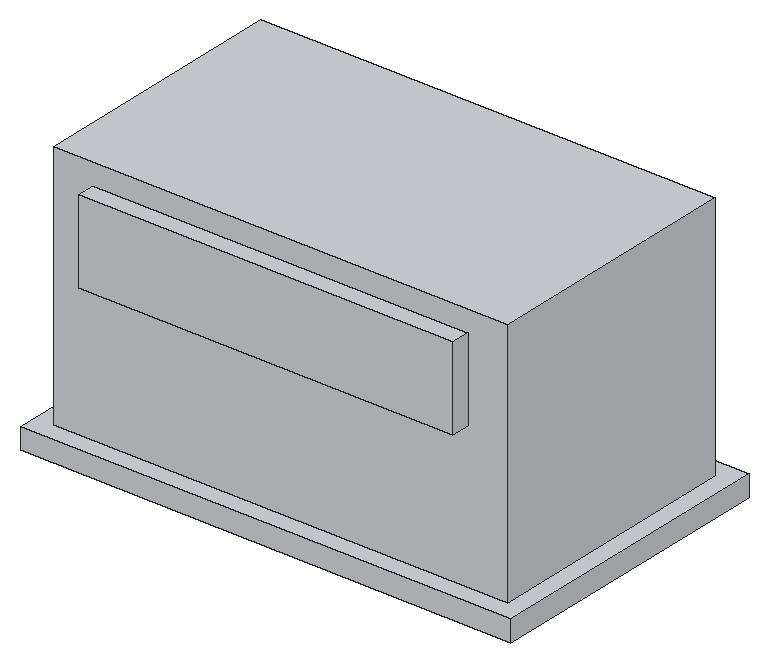
Revit family "M_Exaustor com armário - Conexão retangular - Montada no forro", category Equipamento mecânico, Revit 2019
Family settings
  Cota do conector redondo = Utilizar diâmetro
  Tipo de parte = Normal
  Número OmniClass = 23.75.35.17.17.11
  Título OmniClass = Ceiling Fans
  ID de item do Seek = Exhauster with Cabinet -  Rectangular Connection - Ceiling Mounted-0000-CAN-ENU
  Com base no plano de trabalho = Não
  Sempre na vertical = Sim
  Corte com vazios quando carregada = Não
  Compartilhado = Não
  Ponto de cálculo do ambiente = Não
Parameters (values of type "188-334 LPS")
  Voltagem = 120 V
  Raio do motor do símbolo = Largura do ventilador * 0.35  # 108.85 mm
  Comprimento do símbolo 1 = 0.3 * Raio do motor do símbolo  # 32.655 mm
  Classificação de carga = Refrigeração
  Pressão estática externa [instance] = 0.0 Pa
  Raio do motor de símbolo pequeno = Raio do motor do símbolo - 75 mm  # 33.85 mm
  1/8 da largura do difusor = 0.125 * Largura do difusor  # 44.5 mm
  1/8 do comprimento do difusor = 0.125 * Comprimento do difusor  # 73.75 mm
  Número de pólos = 1
  Largura do ventilador = 311 mm
  Material do ventilador = none
  Comprimento do ventilador = 546 mm
  Altura do ventilador = 299 mm
  Largura do duto = 450 mm
  Altura do duto = 100 mm
  Largura do difusor = 356 mm
  Material do difusor = none
  Comprimento do difusor = 590 mm
  Carga aparente [instance] = 313 VA
  Fluxo de ar [instance] = 334.0 L/s
Types (5, lengths in mm): name | Voltagem | Raio do motor do símbolo | Comprimento do símbolo 1 | Raio do motor de símbolo pequeno | 1/8 da largura do difusor | 1/8 do comprimento do difusor | Número de pólos | Largura do ventilador | Comprimento do ventilador | Altura do ventilador | Largura do duto | Altura do duto | Largura do difusor | Comprimento do difusor | Carga aparente | Fluxo de ar
  (no name) | 120 V | 108.85 | 32.655 | 33.85 | 44.5 | 73.75 | 1 | 311 | 546 | 299 | 450 | 100 | 356 | 590 | 313 VA | 334.0 L/s
  188-334 LPS | 120 V | 108.85 | 32.655 | 33.85 | 44.5 | 73.75 | 1 | 311 | 546 | 299 | 450 | 100 | 356 | 590 | 313 VA | 334.0 L/s
  423-750 LPS | 120 V | 159.95 | 47.985 | 84.95 | 63.125 | 75.75 | 1 | 457 | 559 | 457 | 300 | 200 | 505 | 606 | 468 VA | 750.0 L/s
  892 LPS | 240 V | 130.2 | 39.06 | 55.2 | 51.25 | 121.5 | 2 | 372 | 965 | 371.5 | 850 | 200 | 410 | 972 | 590 VA | 892.0 L/s
  1700 LPS | 240 V | 149.1 | 44.73 | 74.1 | 57.125 | 149.25 | 2 | 426 | 1162 | 426 | 1050 | 250 | 457 | 1194 | 1204 VA | 1700.0 L/s
Reference planes
  plane 1 "Centro (Frente/Trás)": y = 0
  plane 2: z = 0
  plane 3 "Centro (Esquerda/Direita)": x = 0
  plane 4: z = 299
  plane 5: z = -25.4
  plane 6: z = 273.6
  plane 7: y = 155.5
  plane 8: y = -155.5
  plane 9: x = 273
  plane 10: x = -273
  plane 11: x = 295
  plane 12: x = -295
  plane 13: y = 178
  plane 14: y = -178
  plane 15: y = 133.5
  plane 16: y = 89
  plane 17: y = 44.5
  plane 18: y = -133.5
  plane 19: y = -89
  plane 20: y = -44.5
  plane 21: x = 221.25
  plane 22: x = 147.5
  plane 23: x = 73.75
  plane 24: x = -221.25
  plane 25: x = -147.5
  plane 26: x = -73.75
  plane 27: y = 108.85
  plane 28: x = 108.85
  plane 29: x = 141.505
  plane 30: z = 173.6
  plane 31: x = 225
  plane 32: x = -225
Forms (mm)
  Extrusion 1, solid, material <- "Material do difusor"
    sketch origin (0, 0, 0) x (1, 0, 0) y (0, 1, 0)
      loop
        line (-295, 178) -> (-295, -178) -> (295, -178) -> (295, 178) -> (-295, 178)
    from -25.4 to 0
  Extrusion 2, solid, material <- "Material do ventilador"
    sketch origin (0, 0, 0) x (1, 0, 0) y (0, 1, 0)
      loop
        line (-273, 155.5) -> (-273, -155.5) -> (273, -155.5) -> (273, 155.5) -> (-273, 155.5)
    from 0 to 299
  Extrusion 3, solid, material <- "Material do ventilador"
    sketch origin (0, 0, 0) x (1, 0, 0) y (0, 0, 1)
      loop
        line (-225, 273.6) -> (-225, 173.6) -> (225, 173.6) -> (225, 273.6) -> (-225, 273.6)
    from 155.5 to 178
Lines and regions (mm)
  symbolic lines
    curve 1: line (295, 178, 0) -> (-295, 178, 0)
    curve 2: line (-295, 178, 0) -> (-295, -178, 0)
    curve 3: line (-295, -178, 0) -> (295, -178, 0)
    curve 4: line (295, -178, 0) -> (295, 178, 0)
  symbolic lines, detail levels coarse+medium
    curve 5: line (-221.25, 133.5, 0) -> (221.25, 133.5, 0)
    curve 6: line (-221.25, -133.5, 0) -> (-221.25, 133.5, 0)
    curve 7: line (221.25, -133.5, 0) -> (-221.25, -133.5, 0)
    curve 8: line (221.25, 133.5, 0) -> (221.25, -133.5, 0)
    curve 9: line (-147.5, 89, 0) -> (147.5, 89, 0)
    curve 10: line (-147.5, -89, 0) -> (-147.5, 89, 0)
    curve 11: line (147.5, -89, 0) -> (-147.5, -89, 0)
    curve 12: line (147.5, 89, 0) -> (147.5, -89, 0)
    curve 13: line (-73.75, 44.5, 0) -> (73.75, 44.5, 0)
    curve 14: line (-73.75, -44.5, 0) -> (-73.75, 44.5, 0)
    curve 15: line (73.75, -44.5, 0) -> (-73.75, -44.5, 0)
    curve 16: line (73.75, 44.5, 0) -> (73.75, -44.5, 0)
  symbolic lines, detail levels fine
    curve 17: line (-273, 155.5, 0) -> (273, 155.5, 0)
    curve 18: line (-273, -155.5, 0) -> (-273, 155.5, 0)
    curve 19: line (273, -155.5, 0) -> (-273, -155.5, 0)
    curve 20: line (273, 155.5, 0) -> (273, -155.5, 0)
    curve 21: line (-225, -155.5, 0) -> (225, -155.5, 0)
    curve 22: line (-225, -178, 0) -> (-225, -155.5, 0)
    curve 23: line (225, -178, 0) -> (-225, -178, 0)
    curve 24: line (225, -155.5, 0) -> (225, -178, 0)
Dimensions and locks
  locked: plane 5 to plane 2 at 25.4
  "Altura do ventilador": plane 4 to plane 2
  locked: plane 4 to plane 6 at 25.4
  equal spacing: plane 8, plane 1 "Centro (Frente/Trás)", plane 7
  "Largura do ventilador": plane 8 to plane 7
  equal spacing: plane 10, plane 3 "Centro (Esquerda/Direita)", plane 9
  "Comprimento do ventilador": plane 10 to plane 9
  equal spacing: plane 12, plane 3 "Centro (Esquerda/Direita)", plane 11
  "Comprimento do difusor": plane 12 to plane 11
  equal spacing: plane 14, plane 1 "Centro (Frente/Trás)", plane 13
  "Largura do difusor": plane 14 to plane 13
  "1/8 da largura do difusor": plane 15 to plane 13
  "1/8 da largura do difusor": plane 16 to plane 15
  "1/8 da largura do difusor": plane 17 to plane 16
  "1/8 da largura do difusor": plane 1 "Centro (Frente/Trás)" to plane 17
  "1/8 da largura do difusor": plane 18 to plane 14
  "1/8 da largura do difusor": plane 19 to plane 18
  "1/8 da largura do difusor": plane 20 to plane 19
  "1/8 da largura do difusor": plane 1 "Centro (Frente/Trás)" to plane 20
  "1/8 do comprimento do difusor": plane 12 to plane 24
  "1/8 do comprimento do difusor": plane 24 to plane 25
  "1/8 do comprimento do difusor": plane 25 to plane 26
  "1/8 do comprimento do difusor": plane 26 to plane 3 "Centro (Esquerda/Direita)"
  "1/8 do comprimento do difusor": plane 21 to plane 11
  "1/8 do comprimento do difusor": plane 22 to plane 21
  "1/8 do comprimento do difusor": plane 23 to plane 22
  "1/8 do comprimento do difusor": plane 3 "Centro (Esquerda/Direita)" to plane 23
  "Raio do motor do símbolo": plane 1 "Centro (Frente/Trás)" to plane 27
  "Raio do motor do símbolo": plane 3 "Centro (Esquerda/Direita)" to plane 28
  "Comprimento do símbolo 1": plane 28 to plane 29
  "Altura do duto": plane 6 to plane 30
  equal spacing: plane 32, plane 3 "Centro (Esquerda/Direita)", plane 31
  "Largura do duto": plane 32 to plane 31
  locked: plane 8 to connector elem at 50.8
  locked: Extrusion 1 to connector elem at 50.8
  aligned and locked: plane 12 to Extrusion 1 sketch curve
  aligned and locked: plane 13 to Extrusion 1 sketch curve
  aligned and locked: plane 14 to Extrusion 1 sketch curve
  aligned and locked: Extrusion 1 sketch curve to plane 11
  aligned and locked: Extrusion 1 to plane 5
  aligned and locked: plane 2 to Extrusion 1
  aligned and locked: plane 10 to Extrusion 2 sketch curve
  aligned and locked: plane 7 to Extrusion 2 sketch curve
  aligned and locked: plane 8 to Extrusion 2 sketch curve
  aligned and locked: Extrusion 2 sketch curve to plane 9
  aligned and locked: plane 4 to Extrusion 2
  aligned and locked: Extrusion 2 to plane 2
  aligned and locked: curve 1 to Extrusion 1
  aligned and locked: curve 2 to Extrusion 1
  aligned and locked: curve 3 to Extrusion 1
  aligned and locked: curve 4 to Extrusion 1
  aligned and locked: plane 24 to curve 5
  aligned and locked: plane 15 to curve 5
  aligned and locked: plane 18 to curve 8
  aligned and locked: curve 8 to plane 21
  aligned and locked: plane 25 to curve 9
  aligned and locked: plane 16 to curve 9
  aligned and locked: plane 19 to curve 12
  aligned and locked: curve 12 to plane 22
  aligned and locked: plane 26 to curve 13
  aligned and locked: plane 17 to curve 13
  aligned and locked: plane 20 to curve 16
  aligned and locked: curve 16 to plane 23
  aligned and locked: plane 6 to Extrusion 3
  aligned and locked: plane 31 to Extrusion 3
  aligned and locked: Extrusion 3 to plane 30
  aligned and locked: plane 32 to Extrusion 3
  aligned and locked: Extrusion 3 to plane 14
  aligned and locked: plane 8 to Extrusion 3
  aligned and locked: curve 17 to Extrusion 2  (x2)
  aligned and locked: Extrusion 2 to curve 20
  aligned and locked: curve 20 to Extrusion 2
  aligned and locked: curve 21 to Extrusion 3
  aligned and locked: curve 21 to curve 19
  aligned and locked: curve 3 to curve 24
  aligned and locked: curve 24 to Extrusion 3
Automatic sketch dimensions
  Extrusion 2 sketch curve to plane 9 = 0 mm
  Extrusion 3 sketch curve to plane 30 = 0 mm
  Extrusion 3 sketch curve to plane 32 = 0 mm
  Extrusion 3 sketch curve to plane 31 = 0 mm
  Extrusion 3 sketch curve to plane 6 = 0 mm
Connectors
  hvac at (0, -178, 223.6), driven by "Altura do duto", driven by "Largura do duto", driven by "Fluxo de ar", driven by "Pressão estática externa"
    settings: on Extrusion 3, index 1, duct flow 334.0 L/s, flow factor 0, pres drop 0.0 Pa, loss coef 0, conn angle 0.00°, conn width 450 mm, conn height 100 mm, conn diameter 609.6 mm, duct sys type 3, conn prof type 1, flow config 0, flow direction 2, loss method 0, conn ref index -1, conn util no, is conn primary yes, conn desc ""
  electrical at (-273, -104.7, 50.8), driven by "Carga aparente", driven by "Voltagem", driven by "Número de pólos", driven by "Classificação de carga"
    settings: on plane 10, index 2, voltage 120 V, apparent load 313 VA, apparent load phase1 0 VA, apparent load phase2 0 VA, apparent load phase3 0 VA, power factor 0.8, load classification "Refrigeração", number of poles 1, system type 30, power factor state 1, is connector primary yes, connector utility no, sub classification motor no, connector description ""
